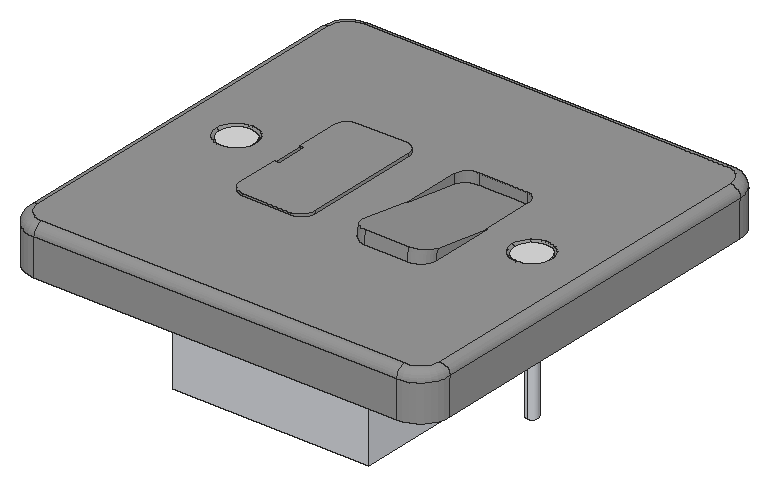
Revit family "ElectricalFixture_WiringAccessories_Hager_Sollysta_PartM_SwitchedRedFusedConnectionUnits", category Electrical Fixtures, host Face, Revit 2015
Parameters (values of type "WMSSU83RR")
  Warranty ID = ""
  Voltage (Volts) = "230V/240V"
  Unique Reference = "WMSSU83RR"
  Type = "ElectricalFixture"
  Technical Description = Description  # "13AFCUSwitchedWithRedFacePlate&Rocker"
  Switch = yes
  Supply Phase = "1"
  Size = ""
  Shipping Weight kg = "0.188"
  Shape = "Rectangular"
  RockerMaterial = Hager_RedPartM
  Reference Standard = "BS 1363-2"
  Product URL = "http://www.hager.co.uk/product-catalogue/wiring-accessories/sollysta/white-moulded/white-moulded-sockets/58428.htm"
  Product Range = "Sollysta"
  Product Model Number = "WMSSU83RR"
  Product Literature = "http://www.hager.co.uk/product-catalogue/wiring-accessories/sollysta/38662.htm"
  Product Group = "WiringAccessories"
  Product Family = "PartMFusedConnectionUnits"
  Packaging Recyclable = yes
  Overall Width = Overall Length  # 86.0 mm
  Overall Length = 86.0 mm
  Overall Height = 86.0 mm
  Overall Depth = 26.07 mm
  Operation and Maintenance Manual = ""
  Name = "PartMFusedConnectionUnits_WMSSU83RR"
  Measurement Units = "mm"
  Material = Hager_RedPartM
  Manufacturer Website = "http://www.hager.co.uk/"
  Manufacturer Country = "United Kingdom"
  Manufacturer = "Hager"
  LED Indicator Switch = no
  Gross Weight kg = "0.165"
  Frequency = "50/60Hz"
  Flex Outlet = no
  Finish = "Gloss"
  Features = "13AFCUSwitchedWithRedRocker"
  FaceMaterial = Urea Formaldehyde Thermoset Plastic
  Extrusion From Wall = 11.921 mm
  Expected Life = "25 years"
  EAN Code = "5015654759636"
  Design Country = "China"
  Description = "13AFCUSwitchedWithRedFacePlate&Rocker"
  Default Elevation = 1219.2 mm
  Colour = "PartMRed"
  CE Approval = yes
Types (2, lengths in mm): name | Unique Reference | Technical Description | Product Model Number | Name | Material | EAN Code | Description
  WMSSU83R | "WMSSU83R" | "13AFCUSwitchedWithRedRocker" | "WMSSU83R" | "PartMFusedConnectionUnits_WMSSU83R" | Urea Formaldehyde Thermoset Plastic | "5015654759629" | "13AFCUSwitchedWithRedRocker"
  WMSSU83RR | "WMSSU83RR" | "13AFCUSwitchedWithRedFacePlate&Rocker" | "WMSSU83RR" | "PartMFusedConnectionUnits_WMSSU83RR" | Hager_RedPartM | "5015654759636" | "13AFCUSwitchedWithRedFacePlate&Rocker"
Reference planes
  plane 1 "Center (Front/Back)": y = 0
  plane 2: z = 0
  plane 3 "Center (Left/Right)": x = 0
  plane 4: y = -43
  plane 5: y = 43
  plane 6: x = -137
  plane 7: x = -51
  plane 8: z = 9.47
  plane 9: z = -16.6
  plane 10: z = 11.921
  plane 11: y = -471.393
  plane 12: z = -20.53
  plane 13: x = -124.15
  plane 14: x = -63.85
  plane 15: x = -93.992
Forms (mm)
  Extrusion 1, solid, material "Urea Formaldehyde Thermoset Plastic" <- "FaceMaterial", detail levels fine
    sketch origin (0, 0, 0) x (1, 0, 0) y (0, 1, 0)
      loop
        arc (-137, -37.005) -> (-135.244, -41.244) -> (-131.005, -43) r 5.995
        line (-131.005, -43) -> (-57.017, -43)
        arc (-57.017, -43) -> (-52.762, -41.238) -> (-51, -36.983) r 6.017
        line (-51, -36.983) -> (-51, 37.035)
        arc (-51, 37.035) -> (-52.747, 41.253) -> (-56.965, 43) r 5.965
        line (-56.965, 43) -> (-131.018, 43)
        arc (-131.018, 43) -> (-135.248, 41.248) -> (-137, 37.018) r 5.982
        line (-137, 37.018) -> (-137, -37.005)
      loop
        circle (-124.15, 0) r 3.228
      loop
        circle (-63.85, 0) r 3.228
      loop
        line (-98.66, -11.794) -> (-98.66, 11.928)
        arc (-98.66, 11.928) -> (-99.483, 13.914) -> (-101.469, 14.736) r 2.808
        line (-101.469, 14.736) -> (-111.177, 14.736)
        arc (-111.177, 14.736) -> (-113.111, 13.935) -> (-113.912, 12.001) r 2.735
        line (-113.912, 12.001) -> (-113.912, -11.881)
        arc (-113.912, -11.881) -> (-113.123, -13.786) -> (-111.218, -14.576) r 2.694
        line (-111.218, -14.576) -> (-101.441, -14.576)
        arc (-101.441, -14.576) -> (-99.475, -13.761) -> (-98.66, -11.794) r 2.781
      loop
        arc (-89.304, -11.794) -> (-88.489, -13.761) -> (-86.523, -14.576) r 2.781
        line (-86.523, -14.576) -> (-76.746, -14.576)
        arc (-76.746, -14.576) -> (-74.841, -13.786) -> (-74.052, -11.881) r 2.694
        line (-74.052, -11.881) -> (-74.052, 12.001)
        arc (-74.052, 12.001) -> (-74.853, 13.935) -> (-76.787, 14.736) r 2.735
        line (-76.787, 14.736) -> (-86.495, 14.736)
        arc (-86.495, 14.736) -> (-88.481, 13.914) -> (-89.304, 11.928) r 2.808
        line (-89.304, 11.928) -> (-89.304, -11.794)
    from 0 to 9.47
  Sweep 2, void
    path origin (0, 0, 0) x (1, 0, 0) y (0, 1, 0)
      loop
        line (-137, 37.018) -> (-137, -37.005)
        arc (-137, -37.005) -> (-135.244, -41.244) -> (-131.005, -43) r 5.995
        line (-131.005, -43) -> (-57.017, -43)
        arc (-57.017, -43) -> (-52.762, -41.238) -> (-51, -36.983) r 6.017
        line (-51, -36.983) -> (-51, 37.035)
        arc (-51, 37.035) -> (-52.747, 41.253) -> (-56.965, 43) r 5.965
        line (-56.965, 43) -> (-131.018, 43)
        arc (-131.018, 43) -> (-135.248, 41.248) -> (-137, 37.018) r 5.982
    profile origin (-137, 0.007, 0) x (1, 0, 0) y (0, 0, 1)
      loop
        line (0, 9.47) -> (0, 7.462)
        arc (0, 7.462) -> (0.588, 8.882) -> (2.008, 9.47) r 2.008
        line (2.008, 9.47) -> (0, 9.47)
  Sweep 3, void
    path origin (0, 0, 0) x (1, 0, 0) y (0, 1, 0)
      loop
        circle (-63.85, 0) r 3.228
    profile origin (-63.85, 3.228, 0) x (0, -1, 0) y (0, 0, 1)
      loop
        line (0, 9.47) -> (-0.814, 9.47)
        arc (-0.814, 9.47) -> (-0.347, 9.123) -> (0, 8.656) r 2
        line (0, 8.656) -> (0, 9.47)
  Sweep 4, void
    path origin (0, 0, 0) x (1, 0, 0) y (0, 1, 0)
      loop
        circle (-124.15, 0) r 3.228
    profile origin (-124.15, 3.228, 0) x (0, 1, 0) y (0, 0, 1)
      loop
        line (0, 9.47) -> (0, 8.656)
        arc (0, 8.656) -> (0.346, 9.124) -> (0.814, 9.47) r 1.964
        line (0.814, 9.47) -> (0, 9.47)
  Extrusion 5, solid, material "Steel, Chrome Plated", detail levels fine
    sketch origin (0, 0, 0) x (1, 0, 0) y (0, 1, 0)
      loop
        circle (-124.15, 0) r 3.542
    from -1.167 to 9.196
  Extrusion 6, solid, material "Steel, Chrome Plated", detail levels fine
    sketch origin (0, 0, 0) x (-1, 0, 0) y (0, -1, 0)
      loop
        circle (63.85, 0) r 3.542
    from -1.167 to 9.196
  Extrusion 7, solid, detail levels medium
    sketch origin (0, 0, 0) x (1, 0, 0) y (0, 1, 0)
      loop
        line (-137, 43) -> (-137, -43) -> (-51, -43) -> (-51, 43) -> (-137, 43)
    from 0 to 9.47
  Extrusion 8, solid
    sketch origin (-184.307, 0, -1.167) x (0, 1, 0) y (-1, 0, 0)
      loop
        circle (0, -60.15) r 1.2
    from 0 to 19.363
  Extrusion 9, solid
    sketch origin (0, 0, -1.167) x (0, -1, 0) y (1, 0, 0)
      loop
        circle (0, -63.85) r 1.2
    from 0 to 19.363
  Extrusion 10, solid, material "Urea Formaldehyde Thermoset Plastic", detail levels medium
    sketch origin (0, 0, 0) x (1, 0, 0) y (0, 1, 0)
      loop
        line (-137, -43) -> (-51, -43) -> (-51, 43) -> (-137, 43) -> (-137, -43)
    from 0 to 9.47
  Extrusion 11, solid, material "Urea Formaldehyde Thermoset Plastic", visible <- "Flex Outlet", detail levels fine
    sketch origin (0, 0, 0) x (1, 0, 0) y (0, 1, 0)
      loop
        circle (-115.967, -26.562) r 4
    from 9.47 to 9.835
  Extrusion 12, solid, material "Urea Formaldehyde Thermoset Plastic", detail levels fine
    sketch origin (-12.347, 0, 0) x (1, 0, 0) y (0, 1, 0)
      loop
        arc (-101.565, -11.881) -> (-100.775, -13.786) -> (-98.87, -14.576) r 2.694
        line (-98.87, -14.576) -> (-89.094, -14.576)
        arc (-89.094, -14.576) -> (-87.127, -13.761) -> (-86.313, -11.794) r 2.781
        line (-86.313, -11.794) -> (-86.313, 11.928)
        arc (-86.313, 11.928) -> (-87.135, 13.914) -> (-89.121, 14.736) r 2.808
        line (-89.121, 14.736) -> (-98.83, 14.736)
        arc (-98.83, 14.736) -> (-100.764, 13.935) -> (-101.565, 12.001) r 2.735
        line (-101.565, 12.001) -> (-101.565, 3.261) -> (-100.611, 3.261) -> (-100.611, -3.031) -> (-101.565, -3.031) -> (-101.565, -11.881)
    from 7.698 to 9.835
  Extrusion 13, solid, material "Hager_RedPartM" <- "RockerMaterial", visible <- "Switch", detail levels fine
    sketch origin (-6.456, -21.777, 3.542) x (1, 0, 0) y (0, 0.987688, -0.156434)
      loop
        arc (-82.848, 9.104) -> (-81.912, 6.845) -> (-79.653, 5.91) r 3.194
        line (-79.653, 5.91) -> (-70.877, 5.91)
        arc (-70.877, 5.91) -> (-68.557, 6.871) -> (-67.596, 9.191) r 3.281
        line (-67.596, 9.191) -> (-67.596, 32.07)
        arc (-67.596, 32.07) -> (-68.565, 34.409) -> (-70.904, 35.378) r 3.308
        line (-70.904, 35.378) -> (-72.778, 35.378) -> (-77.654, 35.378) -> (-79.613, 35.378)
        arc (-79.613, 35.378) -> (-81.9, 34.431) -> (-82.848, 32.143) r 3.235
        line (-82.848, 32.143) -> (-82.848, 9.104)
    from 0 to 9.42
  Extrusion 14, solid, material "Hager_RedPartM" <- "RockerMaterial", visible <- "LED Indicator Switch", detail levels fine
    sketch origin (12.261, 0.582, -1.893) x (1, 0, 0) y (0, 0.987649, 0.156681)
      loop
        line (-97.565, 11.407) -> (-90.394, 11.407) -> (-90.394, 15.877) -> (-97.565, 15.877) -> (-97.565, 11.407)
    from 7.064 to 11.47
  Extrusion 15, solid, material "Hager_RedPartM" <- "RockerMaterial", visible <- "LED Indicator Switch", detail levels fine
    sketch origin (-6.456, 21.777, 3.542) x (1, 0, 0) y (0, 0.987688, 0.156434)
      loop
        line (-82.848, -9.104) -> (-82.848, -32.143)
        arc (-82.848, -32.143) -> (-81.9, -34.431) -> (-79.613, -35.378) r 3.235
        line (-79.613, -35.378) -> (-77.654, -35.378) -> (-72.778, -35.378) -> (-70.904, -35.378)
        arc (-70.904, -35.378) -> (-68.565, -34.409) -> (-67.596, -32.07) r 3.308
        line (-67.596, -32.07) -> (-67.596, -9.191)
        arc (-67.596, -9.191) -> (-68.557, -6.871) -> (-70.877, -5.91) r 3.281
        line (-70.877, -5.91) -> (-71.677, -5.91) -> (-71.677, -10.38) -> (-78.848, -10.38) -> (-78.848, -5.91) -> (-79.653, -5.91)
        arc (-79.653, -5.91) -> (-81.912, -6.845) -> (-82.848, -9.104) r 3.194
    from 0 to 9.42
  Extrusion 16, solid
    sketch origin (0, 0, 0) x (1, 0, 0) y (0, 1, 0)
      loop
        line (-113.912, 29.388) -> (-113.912, -28.916) -> (-74.052, -28.916) -> (-74.052, 29.388) -> (-113.912, 29.388)
    from -20.53 to 0
Cuts and joins
  Sweep 2, Sweep 3, Sweep 4 cuts Extrusion 1
Lines and regions (mm)
  symbolic lines, style "ElectricalFixtures", not visible, detail levels coarse
    curve 1: line (73.42, -504.912, 19.451) -> (3.42, -504.912, 19.451)
    curve 2: arc (73.42, -504.912, 19.451) -> (38.42, -504.912, 54.451) -> (3.42, -504.912, 19.451) r 35
    curve 3: circle (38.42, -504.912, 54.451) r 6 normal (0, 1, 0)
    curve 4: line (38.42, -504.912, 54.451) -> (38.42, -504.912, 99.451)
    curve 5: line (38.42, -504.912, 99.451) -> (68.42, -504.912, 99.451)
    curve 6: line (38.42, -504.912, 54.451) -> (10.78, -504.912, 87.391)
    curve 7: line (10.78, -504.912, 87.391) -> (-3.315, -504.912, 75.564)
    curve 8: line (0.509, -504.912, 19.451) -> (-69.491, -504.912, 19.451)
    curve 9: arc (0.509, -504.912, 19.451) -> (-34.491, -504.912, 54.451) -> (-69.491, -504.912, 19.451) r 35
    curve 10: circle (-34.491, -504.912, 54.451) r 6 normal (0, 1, 0)
    curve 11: line (-34.491, -504.912, 54.451) -> (-34.491, -504.912, 99.451)
    curve 12: line (-34.491, -504.912, 99.451) -> (-4.491, -504.912, 99.451)
    curve 13: line (-34.491, -504.912, 54.451) -> (-62.13, -504.912, 87.391)
    curve 14: line (-62.13, -504.912, 87.391) -> (-76.226, -504.912, 75.564)
  model lines, detail levels coarse
    curve 15: line (-137, 43, 0) -> (-51, 43, 0)
    curve 16: line (-137, -43, 0) -> (-137, 43, 0)
    curve 17: line (-51, -43, 0) -> (-137, -43, 0)
    curve 18: line (-51, 43, 0) -> (-51, -43, 0)
    curve 19: arc (-120.108, 0, 0) -> (-124.15, -4.042, 0) -> (-128.192, 0, 0) r 4.042
    curve 20: arc (-128.192, 0, 0) -> (-124.15, 4.042, 0) -> (-120.108, 0, 0) r 4.042
    curve 21: arc (-59.808, 0, 0) -> (-63.85, -4.042, 0) -> (-67.892, 0, 0) r 4.042
    curve 22: arc (-67.892, 0, 0) -> (-63.85, 4.042, 0) -> (-59.808, 0, 0) r 4.042
  model lines
    curve 23: line (-112.959, 3.261, 0) -> (-112.959, -3.031, 0)
    curve 24: line (-112.959, -3.031, 0) -> (-113.912, -3.031, 0)
    curve 25: line (-113.912, -3.031, 0) -> (-113.912, -11.881, 0)
    curve 26: arc (-113.912, -11.881, 0) -> (-113.123, -13.786, 0) -> (-111.218, -14.576, 0) r 2.694
    curve 27: line (-111.218, -14.576, 0) -> (-101.441, -14.576, 0)
    curve 28: arc (-101.441, -14.576, 0) -> (-99.475, -13.761, 0) -> (-98.66, -11.794, 0) r 2.781
    curve 29: line (-98.66, -11.794, 0) -> (-98.66, 11.928, 0)
    curve 30: arc (-98.66, 11.928, 0) -> (-99.483, 13.914, 0) -> (-101.469, 14.736, 0) r 2.808
    curve 31: line (-101.469, 14.736, 0) -> (-111.177, 14.736, 0)
    curve 32: arc (-111.177, 14.736, 0) -> (-113.111, 13.935, 0) -> (-113.912, 12.001, 0) r 2.735
    curve 33: line (-113.912, 12.001, 0) -> (-113.912, 3.261, 0)
    curve 34: line (-113.912, 3.261, 0) -> (-112.959, 3.261, 0)
    curve 35: line (-113.912, -11.881, 0) -> (-113.912, 12.001, 0)
    curve 38: line (-89.304, 12.785, 0) -> (-89.304, -12.785, 0)
    curve 39: spline (-89.304, 12.785, 0) -> (-89.276, 13.196, 0) -> (-89.195, 13.601, 0) -> (-89.061, 13.992, 0) -> (-88.876, 14.362, 0) -> (-88.644, 14.705, 0) -> (-88.368, 15.016, 0) -> (-88.054, 15.288, 0) -> (-87.707, 15.517, 0) -> (-87.332, 15.699, 0) -> (-86.936, 15.832, 0) -> (-86.526, 15.913, 0) -> (-86.109, 15.94, 0)
    curve 40: line (-86.109, 15.94, 0) -> (-77.333, 15.94, 0)
    curve 41: spline (-77.333, 15.94, 0) -> (-76.905, 15.912, 0) -> (-76.484, 15.829, 0) -> (-76.077, 15.693, 0) -> (-75.692, 15.505, 0) -> (-75.336, 15.27, 0) -> (-75.013, 14.99, 0) -> (-74.73, 14.672, 0) -> (-74.491, 14.319, 0) -> (-74.302, 13.939, 0) -> (-74.164, 13.538, 0) -> (-74.08, 13.122, 0) -> (-74.052, 12.699, 0)
    curve 42: line (-74.052, -12.699, 0) -> (-74.052, 12.699, 0)
    curve 43: spline (-74.052, -12.699, 0) -> (-74.08, -13.122, 0) -> (-74.164, -13.538, 0) -> (-74.302, -13.939, 0) -> (-74.491, -14.319, 0) -> (-74.73, -14.672, 0) -> (-75.013, -14.99, 0) -> (-75.336, -15.27, 0) -> (-75.692, -15.505, 0) -> (-76.077, -15.693, 0) -> (-76.484, -15.829, 0) -> (-76.905, -15.912, 0) -> (-77.333, -15.94, 0)
    curve 44: line (-77.333, -15.94, 0) -> (-86.109, -15.94, 0)
    curve 45: spline (-86.109, -15.94, 0) -> (-86.526, -15.913, 0) -> (-86.936, -15.832, 0) -> (-87.332, -15.699, 0) -> (-87.707, -15.517, 0) -> (-88.054, -15.288, 0) -> (-88.368, -15.016, 0) -> (-88.644, -14.705, 0) -> (-88.876, -14.362, 0) -> (-89.061, -13.992, 0) -> (-89.195, -13.601, 0) -> (-89.276, -13.196, 0) -> (-89.304, -12.785, 0)
  model lines, visible <- "Flex Outlet"
    curve 36: arc (-119.967, -26.562, 0) -> (-115.967, -30.562, 0) -> (-111.967, -26.562, 0) r 4
    curve 37: arc (-111.967, -26.562, 0) -> (-115.967, -22.562, 0) -> (-119.967, -26.562, 0) r 4
  symbolic lines, style "ElectricalFixtures"
    curve 46: line (-120.142, -504.912, 16.572) -> (-67.984, -504.912, 16.572)
    curve 47: line (-120.142, -504.912, 36.572) -> (-120.142, -504.912, 16.572)
    curve 48: line (-67.984, -504.912, 36.572) -> (-120.142, -504.912, 36.572)
    curve 49: line (-67.984, -504.912, 16.572) -> (-67.984, -504.912, 36.572)
    curve 50: line (-137, -504.912, 26.572) -> (-51, -504.912, 26.572)
Dimensions and locks
  plane 10 to plane 9 = 28.521 mm
  plane 8 to plane 9 = 26.07 mm
  plane 2 to plane 9 = 16.6 mm
  "Overall Length": plane 6 to plane 7
  "Overall Height": plane 4 to plane 5
  "Overall Depth": plane 9 to plane 8
  plane 2 to plane 10 = 11.921 mm
  plane 8 to plane 12 = 30.0 mm
  aligned and locked: plane 2 to host face
  aligned and locked: level to host face
  aligned and locked: Extrusion 1 to plane 8
  aligned and locked: Extrusion 7 to plane 8
  aligned and locked: Extrusion 6 to Extrusion 8
  aligned and locked: Extrusion 9 to Extrusion 5
  aligned and locked: plane 12 to Extrusion 9
  aligned and locked: Extrusion 10 to plane 8
  aligned and locked: Extrusion 10 to level
  aligned and locked: Extrusion 11 to cut or joined group of Extrusion 1, Sweep 2, Sweep 3, Sweep 4
  aligned and locked: Extrusion 8 to Extrusion 16
  aligned and locked: level to Extrusion 16
Automatic sketch dimensions
  host sketch curve to host sketch curve = 2438.4 mm  (x2)
  Extrusion 1 sketch curve to plane 6 = 0.0 mm
  plane 5 to Extrusion 1 sketch curve = 0.0 mm
  plane 4 to Extrusion 1 sketch curve = 0.0 mm
  plane 1 "Center (Front/Back)" to Extrusion 1 sketch curve = 0.0 mm  (x2)
  Extrusion 1 sketch curve to plane 13 = 0.0 mm
  Extrusion 1 sketch curve to plane 14 = 0.0 mm
  plane 6 to Extrusion 1 sketch curve = 5.982 mm
  plane 6 to Extrusion 1 sketch curve = 5.995 mm
  plane 13 to Extrusion 1 sketch curve = 10.238 mm
  Extrusion 1 sketch curve to Extrusion 1 sketch curve = 2.694 mm  (x2)
  Extrusion 1 sketch curve to Extrusion 1 sketch curve = 2.735 mm
  Extrusion 1 sketch curve to Extrusion 1 sketch curve = 9.709 mm  (x2)
  Extrusion 1 sketch curve to Extrusion 1 sketch curve = 9.776 mm  (x2)
  Extrusion 1 sketch curve to Extrusion 1 sketch curve = 2.781 mm  (x3)
  Extrusion 1 sketch curve to Extrusion 1 sketch curve = 9.356 mm
  Extrusion 1 sketch curve to Extrusion 1 sketch curve = 2.808 mm
  Extrusion 1 sketch curve to plane 7 = 6.017 mm
  Extrusion 1 sketch curve to plane 7 = 5.965 mm
  plane 7 to Extrusion 1 sketch curve = 0.0 mm
  plane 1 "Center (Front/Back)" to Extrusion 1 sketch curve = 14.576 mm
  Extrusion 1 sketch curve to plane 1 "Center (Front/Back)" = 11.928 mm
  Extrusion 1 sketch curve to Extrusion 1 sketch curve = 0.0 mm
  Sweep 2 sketch curve to plane 6 = 0.0 mm
  plane 5 to Sweep 2 sketch curve = 0.0 mm
  plane 4 to Sweep 2 sketch curve = 0.0 mm
  Sweep 2 sketch curve to Sweep 2 sketch curve = 5.982 mm
  plane 6 to Sweep 2 sketch curve = 5.995 mm
  Sweep 2 sketch curve to plane 7 = 6.017 mm
  Sweep 2 sketch curve to plane 7 = 5.965 mm
  plane 7 to Sweep 2 sketch curve = 0.0 mm
  profile plane to Sweep 2 sketch curve = 0.0 mm
  Sweep 2 sketch curve to Sweep 2 sketch curve = 2.008 mm
  level to Sweep 2 sketch curve = 7.462 mm
  plane 1 "Center (Front/Back)" to Sweep 3 sketch curve = 0.0 mm
  Sweep 3 sketch curve to plane 14 = 0.0 mm
  Sweep 3 sketch curve to profile plane = 0.0 mm
  Sweep 3 sketch curve to Sweep 3 sketch curve = 0.814 mm
  profile plane to Sweep 3 sketch curve = 1.761 mm
  level to Sweep 3 sketch curve = 7.709 mm
  Sweep 3 sketch curve to Sweep 3 sketch curve = 0.947 mm
  Sweep 4 sketch curve to Sweep 4 sketch curve = 0.0 mm  (x2)
  plane 1 "Center (Front/Back)" to Sweep 4 sketch curve = 0.0 mm
  Sweep 4 sketch curve to plane 13 = 0.0 mm
  Sweep 4 sketch curve to plane 13 = 3.228 mm
  Sweep 4 sketch curve to profile plane = 0.0 mm
  Sweep 4 sketch curve to profile plane = 0.814 mm
  Sweep 4 sketch curve to profile plane = 1.735 mm
  level to Sweep 4 sketch curve = 7.735 mm
  Sweep 4 sketch curve to Sweep 4 sketch curve = 0.921 mm
  Extrusion 5 sketch curve to Extrusion 5 sketch curve = 0.0 mm  (x2)
  plane 1 "Center (Front/Back)" to Extrusion 5 sketch curve = 0.0 mm
  Extrusion 5 sketch curve to plane 13 = 0.0 mm
  Extrusion 5 sketch curve to plane 13 = 3.542 mm
  Extrusion 6 sketch curve to Extrusion 6 sketch curve = 0.0 mm  (x2)
  plane 1 "Center (Front/Back)" to Extrusion 6 sketch curve = 0.0 mm
  plane 14 to Extrusion 6 sketch curve = 0.0 mm
  Extrusion 6 sketch curve to plane 14 = 3.542 mm
  plane 4 to Extrusion 7 sketch curve = 0.0 mm
  Extrusion 7 sketch curve to plane 6 = 0.0 mm
  Extrusion 7 sketch curve to plane 7 = 0.0 mm
  plane 5 to Extrusion 7 sketch curve = 0.0 mm
  plane 5 to Extrusion 10 sketch curve = 0.0 mm
  Extrusion 10 sketch curve to plane 6 = 0.0 mm
  Extrusion 10 sketch curve to plane 7 = 0.0 mm
  plane 4 to Extrusion 10 sketch curve = 0.0 mm
  plane 4 to curve 17 = 0.0 mm
  curve 17 to plane 6 = 0.0 mm
  plane 1 "Center (Front/Back)" to curve 20 = 0.0 mm
  curve 20 to plane 13 = 0.0 mm
  plane 1 "Center (Front/Back)" to curve 21 = 0.0 mm
  curve 22 to plane 14 = 0.0 mm
  plane 5 to curve 15 = 0.0 mm
  curve 15 to plane 7 = 0.0 mm
  plane 13 to curve 37 = 8.183 mm
  curve 34 to plane 1 "Center (Front/Back)" = 3.261 mm
  plane 13 to curve 34 = 10.238 mm
  curve 33 to curve 23 = 0.953 mm
  curve 25 to curve 27 = 2.694 mm
  curve 32 to curve 32 = 2.735 mm
  curve 32 to curve 30 = 9.709 mm
  curve 27 to curve 27 = 9.776 mm
  curve 28 to curve 29 = 2.781 mm
  curve 37 to plane 4 = 16.438 mm
  plane 1 "Center (Front/Back)" to curve 23 = 3.031 mm
  curve 29 to plane 1 "Center (Front/Back)" = 11.928 mm
  curve 20 to plane 13 = 4.042 mm
  curve 36 to curve 36 = 4.0 mm
  curve 21 to curve 21 = 4.042 mm
  plane 13 to Extrusion 11 sketch curve = 8.183 mm
  Extrusion 11 sketch curve to plane 4 = 16.438 mm
  plane 13 to Extrusion 12 sketch curve = 10.238 mm
  Extrusion 12 sketch curve to Extrusion 12 sketch curve = 0.0 mm
  Extrusion 12 sketch curve to Extrusion 12 sketch curve = 0.953 mm
  Extrusion 12 sketch curve to Extrusion 12 sketch curve = 2.694 mm
  Extrusion 12 sketch curve to Extrusion 12 sketch curve = 2.735 mm
  Extrusion 12 sketch curve to Extrusion 12 sketch curve = 9.709 mm
  Extrusion 12 sketch curve to Extrusion 12 sketch curve = 9.776 mm
  Extrusion 12 sketch curve to Extrusion 12 sketch curve = 2.781 mm
  plane 1 "Center (Front/Back)" to Extrusion 12 sketch curve = 14.576 mm
  plane 1 "Center (Front/Back)" to Extrusion 12 sketch curve = 3.031 mm
  Extrusion 12 sketch curve to plane 1 "Center (Front/Back)" = 3.261 mm
  Extrusion 12 sketch curve to plane 1 "Center (Front/Back)" = 11.928 mm
  Extrusion 13 sketch curve to plane 14 = 25.454 mm
  Extrusion 13 sketch curve to Extrusion 13 sketch curve = 3.194 mm
  Extrusion 13 sketch curve to Extrusion 13 sketch curve = 3.235 mm
  Extrusion 13 sketch curve to Extrusion 13 sketch curve = 1.959 mm
  Extrusion 13 sketch curve to Extrusion 13 sketch curve = 4.875 mm
  Extrusion 13 sketch curve to Extrusion 13 sketch curve = 1.874 mm
  Extrusion 13 sketch curve to Extrusion 13 sketch curve = 8.776 mm
  Extrusion 13 sketch curve to Extrusion 13 sketch curve = 3.281 mm
  Extrusion 13 sketch curve to Extrusion 13 sketch curve = 22.879 mm
  Extrusion 15 sketch curve to plane 14 = 25.454 mm
  Extrusion 15 sketch curve to Extrusion 15 sketch curve = 3.194 mm
  Extrusion 15 sketch curve to Extrusion 15 sketch curve = 3.235 mm
  Extrusion 15 sketch curve to Extrusion 15 sketch curve = 1.959 mm
  Extrusion 15 sketch curve to Extrusion 15 sketch curve = 4.875 mm
  Extrusion 15 sketch curve to Extrusion 15 sketch curve = 1.874 mm
  Extrusion 15 sketch curve to Extrusion 15 sketch curve = 8.776 mm
  Extrusion 15 sketch curve to Extrusion 15 sketch curve = 3.281 mm
  Extrusion 15 sketch curve to Extrusion 15 sketch curve = 22.879 mm
  Extrusion 15 sketch curve to Extrusion 15 sketch curve = 0.8 mm
  Extrusion 15 sketch curve to Extrusion 15 sketch curve = 1.189 mm
  Extrusion 15 sketch curve to Extrusion 15 sketch curve = 0.806 mm
  Extrusion 15 sketch curve to Extrusion 15 sketch curve = 1.276 mm
  Extrusion 14 sketch curve to plane 14 = 21.454 mm
  Extrusion 14 sketch curve to Extrusion 14 sketch curve = 7.171 mm
  Extrusion 14 sketch curve to Extrusion 14 sketch curve = 4.471 mm
  curve 29 to curve 38 = 9.356 mm
  curve 39 to curve 39 = 3.194 mm
  curve 40 to curve 41 = 8.776 mm
  curve 41 to curve 41 = 3.281 mm
  curve 38 to curve 29 = 0.99 mm
  curve 30 to curve 38 = 0.857 mm
  curve 41 to curve 39 = 0.086 mm
  curve 39 to curve 39 = 3.155 mm
  plane 1 "Center (Front/Back)" to curve 42 = 12.699 mm
  curve 44 to curve 42 = 3.281 mm
  curve 44 to curve 42 = 3.241 mm
  curve 38 to curve 44 = 3.194 mm
  curve 44 to curve 45 = 3.155 mm
  plane 13 to Extrusion 16 sketch curve = 10.238 mm
  Extrusion 16 sketch curve to plane 14 = 10.202 mm
  Extrusion 16 sketch curve to plane 4 = 14.084 mm
  plane 5 to Extrusion 16 sketch curve = 13.612 mm
  curve 50 to plane 6 = 0.0 mm
  curve 50 to plane 7 = 0.0 mm
  curve 46 to plane 10 = 4.651 mm
  plane 13 to curve 46 = 4.008 mm
  curve 49 to plane 14 = 4.134 mm
  curve 50 to plane 10 = 14.651 mm
  curve 50 to curve 47 = 10.0 mm
  radius of Extrusion 1 sketch curve = 3.228 mm  (x2)
  radius of Sweep 3 sketch curve = 3.228 mm
  radius of Extrusion 8 sketch curve = 1.2 mm
  radius of Extrusion 9 sketch curve = 1.2 mm
  radius of Extrusion 11 sketch curve = 4.0 mm
Connectors
  electrical at (-94.001, 0.008, 0)
    settings: on cut or joined group of Extrusion 1, Sweep 2, Sweep 3, Sweep 4, index 1, voltage 230 V, apparent load 0 VA, apparent load phase1 0 VA, apparent load phase2 0 VA, apparent load phase3 0 VA, power factor 1, load classification "Other", number of poles 1, system type 31, power factor state 1, is connector primary yes, connector utility no, sub classification motor no, connector description ""
